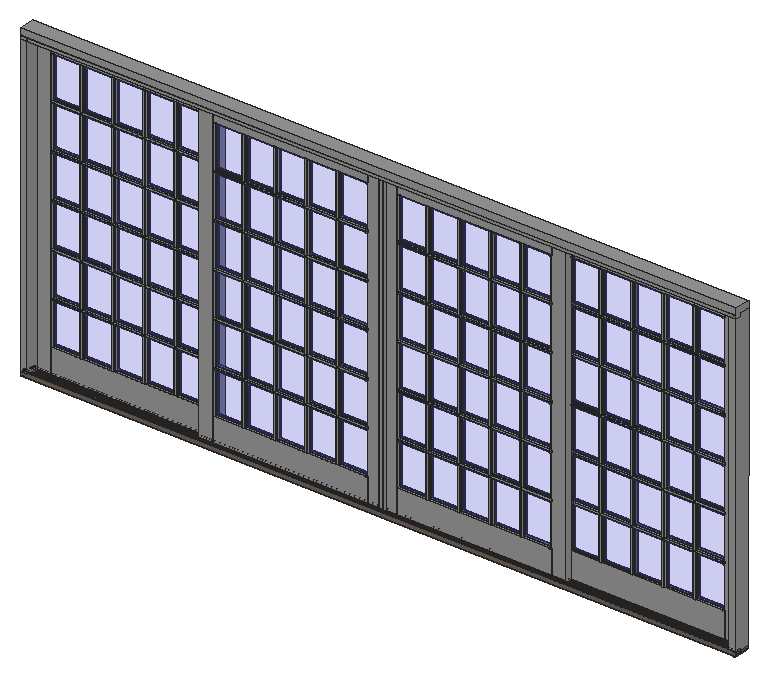
Revit family "VSDA4.8SPCO", category Doors, host Wall, Revit 2015 (continued)
Forms (mm)
  Extrusion 123, solid, material "Lauan, Meranti"
    sketch origin (1388.5, 0, 0) x (0, 1, 0) y (0, 0, 1)
      loop
        arc (-13.5, 771) -> (-11.866, 766.33) -> (-7.5, 764) r 6.807
        line (-7.5, 764) -> (-7.5, 762) -> (-5.5, 762) -> (-5.5, 771) -> (24.5, 771) -> (24.5, 784) -> (-5.5, 784) -> (-5.5, 793) -> (-7.5, 793) -> (-7.5, 791)
        arc (-7.5, 791) -> (-11.866, 788.67) -> (-13.5, 784) r 6.807
        line (-13.5, 784) -> (-15.5, 784)
      loop
        line (-15.5, 487) -> (-15.5, 474) -> (-13.5, 474)
        arc (-13.5, 474) -> (-11.866, 469.33) -> (-7.5, 467) r 6.807
        line (-7.5, 467) -> (-7.5, 465) -> (-5.5, 465) -> (-5.5, 474) -> (24.5, 474) -> (24.5, 487) -> (-5.5, 487) -> (-5.5, 496) -> (-7.5, 496) -> (-7.5, 494)
        arc (-7.5, 494) -> (-11.866, 491.67) -> (-13.5, 487) r 6.807
        line (-13.5, 487) -> (-15.5, 487)
    from -1290.5 to -251
  Sweep 124, solid, material "Lauan, Meranti"
    path origin (624.105, -121.5, -781.763) x (1, 0, 0) y (0, 0, 1)
      loop
        line (315.895, 2740.763) -> (315.895, 2456.763) -> (513.395, 2456.763) -> (513.395, 2740.763) -> (315.895, 2740.763)
    profile origin (1038.75, -121.5, 1959) x (0, 0, 1) y (0, -1, 0)
      loop
        line (-9, -124.5) -> (-9, -126.5) -> (-7, -126.5)
        arc (-7, -126.5) -> (-4.67, -130.866) -> (0, -132.5) r 6.807
        line (0, -132.5) -> (0, -124.5) -> (-9, -124.5)
  Extrusion 125, solid, material "Lauan, Meranti"
    sketch origin (368.5, -46.5, 0) x (1, 0, 0) y (0, 1, 0)
      loop
        line (-73, 31) -> (-60, 31) -> (-60, 33)
        arc (-60, 33) -> (-55.33, 34.634) -> (-53, 39) r 6.807
        line (-53, 39) -> (-51, 39) -> (-51, 41) -> (-60, 41) -> (-60, 71) -> (-73, 71) -> (-73, 41) -> (-82, 41) -> (-82, 39) -> (-80, 39)
        arc (-80, 39) -> (-77.67, 34.634) -> (-73, 33) r 6.807
        line (-73, 33) -> (-73, 31)
      loop
        line (137.5, 31) -> (150.5, 31) -> (150.5, 33)
        arc (150.5, 33) -> (155.17, 34.634) -> (157.5, 39) r 6.807
        line (157.5, 39) -> (159.5, 39) -> (159.5, 41) -> (150.5, 41) -> (150.5, 71) -> (137.5, 71) -> (137.5, 41) -> (128.5, 41) -> (128.5, 39) -> (130.5, 39)
        arc (130.5, 39) -> (132.83, 34.634) -> (137.5, 33) r 6.807
        line (137.5, 33) -> (137.5, 31)
      loop
        line (348, 31) -> (361, 31) -> (361, 33)
        arc (361, 33) -> (365.67, 34.634) -> (368, 39) r 6.807
        line (368, 39) -> (370, 39) -> (370, 41) -> (361, 41) -> (361, 71) -> (348, 71) -> (348, 41) -> (339, 41) -> (339, 39) -> (341, 39)
        arc (341, 39) -> (343.33, 34.634) -> (348, 33) r 6.807
        line (348, 33) -> (348, 31)
      loop
        line (558.5, 31) -> (571.5, 31) -> (571.5, 33)
        arc (571.5, 33) -> (576.17, 34.634) -> (578.5, 39) r 6.807
        line (578.5, 39) -> (580.5, 39) -> (580.5, 41) -> (571.5, 41) -> (571.5, 71) -> (558.5, 71) -> (558.5, 41) -> (549.5, 41) -> (549.5, 39) -> (551.5, 39)
        arc (551.5, 39) -> (553.83, 34.634) -> (558.5, 33) r 6.807
        line (558.5, 33) -> (558.5, 31)
    from 1675 to 1959
  Extrusion 126, solid, material "Glass"
    sketch origin (53.5, 1.934, 0) x (1, 0, 0) y (0, 0, 1)
      loop
        line (44.5, 1959) -> (44.5, 1675) -> (242, 1675) -> (242, 1959) -> (44.5, 1959)
      loop
        line (255, 1959) -> (255, 1675) -> (452.5, 1675) -> (452.5, 1959) -> (255, 1959)
      loop
        line (465.5, 1959) -> (465.5, 1675) -> (663, 1675) -> (663, 1959) -> (465.5, 1959)
      loop
        line (676.01, 1958.989) -> (676.01, 1675) -> (873.5, 1675) -> (873.5, 1958.989) -> (676.01, 1958.989)
      loop
        line (886.5, 1959) -> (886.5, 1675.011) -> (1083.99, 1675.011) -> (1083.99, 1959) -> (886.5, 1959)
      loop
        line (44.5, 1662) -> (44.5, 1378) -> (242, 1378) -> (242, 1662) -> (44.5, 1662)
      loop
        line (255, 1662) -> (255, 1378) -> (452.5, 1378) -> (452.5, 1662) -> (255, 1662)
      loop
        line (465.5, 1662) -> (465.5, 1378) -> (663, 1378) -> (663, 1662) -> (465.5, 1662)
      loop
        line (676.01, 1661.989) -> (676.01, 1378) -> (873.5, 1378) -> (873.5, 1661.989) -> (676.01, 1661.989)
      loop
        line (886.5, 1662) -> (886.5, 1378.011) -> (1083.99, 1378.011) -> (1083.99, 1662) -> (886.5, 1662)
      loop
        line (44.5, 1365) -> (44.5, 1081) -> (242, 1081) -> (242, 1365) -> (44.5, 1365)
      loop
        line (255, 1365) -> (255, 1081) -> (452.5, 1081) -> (452.5, 1365) -> (255, 1365)
      loop
        line (465.5, 1365) -> (465.5, 1081) -> (663, 1081) -> (663, 1365) -> (465.5, 1365)
      loop
        line (676.01, 1364.989) -> (676.01, 1081) -> (873.5, 1081) -> (873.5, 1364.989) -> (676.01, 1364.989)
      loop
        line (886.5, 1365) -> (886.5, 1081.011) -> (1083.99, 1081.011) -> (1083.99, 1365) -> (886.5, 1365)
      loop
        line (44.5, 1068) -> (44.5, 784) -> (242, 784) -> (242, 1068) -> (44.5, 1068)
      loop
        line (255, 1068) -> (255, 784) -> (452.5, 784) -> (452.5, 1068) -> (255, 1068)
      loop
        line (465.5, 1068) -> (465.5, 784) -> (663, 784) -> (663, 1068) -> (465.5, 1068)
      loop
        line (676.01, 1067.989) -> (676.01, 784) -> (873.5, 784) -> (873.5, 1067.989) -> (676.01, 1067.989)
      loop
        line (886.5, 1068) -> (886.5, 784.011) -> (1083.99, 784.011) -> (1083.99, 1068) -> (886.5, 1068)
      loop
        line (44.5, 771) -> (44.5, 487) -> (242, 487) -> (242, 771) -> (44.5, 771)
      loop
        line (255, 771) -> (255, 487) -> (452.5, 487) -> (452.5, 771) -> (255, 771)
      loop
        line (465.5, 771) -> (465.5, 487) -> (663, 487) -> (663, 771) -> (465.5, 771)
      loop
        line (676.01, 770.989) -> (676.01, 487) -> (873.5, 487) -> (873.5, 770.989) -> (676.01, 770.989)
      loop
        line (886.5, 771) -> (886.5, 487.011) -> (1083.99, 487.011) -> (1083.99, 771) -> (886.5, 771)
      loop
        line (44.5, 474) -> (44.5, 190) -> (242, 190) -> (242, 474) -> (44.5, 474)
      loop
        line (255, 474) -> (255, 190) -> (452.5, 190) -> (452.5, 474) -> (255, 474)
      loop
        line (465.5, 474) -> (465.5, 190) -> (663, 190) -> (663, 474) -> (465.5, 474)
      loop
        line (676.01, 473.989) -> (676.01, 190) -> (873.5, 190) -> (873.5, 473.989) -> (676.01, 473.989)
      loop
        line (886.5, 474) -> (886.5, 190.011) -> (1083.99, 190.011) -> (1083.99, 474) -> (886.5, 474)
    from 0 to 6.4
  Sweep 127, solid, material "Lauan, Meranti"
    path origin (413.605, -121.5, -781.763) x (1, 0, 0) y (0, 0, 1)
      loop
        line (315.895, 2740.763) -> (315.895, 2456.763) -> (513.395, 2456.763) -> (513.395, 2740.763) -> (315.895, 2740.763)
    profile origin (828.25, -121.5, 1959) x (0, 0, 1) y (0, -1, 0)
      loop
        line (-9, -124.5) -> (-9, -126.5) -> (-7, -126.5)
        arc (-7, -126.5) -> (-4.67, -130.866) -> (0, -132.5) r 6.807
        line (0, -132.5) -> (0, -124.5) -> (-9, -124.5)
  Sweep 128, solid, material "Lauan, Meranti"
    path origin (203.105, -121.5, -781.763) x (1, 0, 0) y (0, 0, 1)
      loop
        line (315.895, 2740.763) -> (315.895, 2456.763) -> (513.395, 2456.763) -> (513.395, 2740.763) -> (315.895, 2740.763)
    profile origin (617.75, -121.5, 1959) x (0, 0, 1) y (0, -1, 0)
      loop
        line (-9, -124.5) -> (-9, -126.5) -> (-7, -126.5)
        arc (-7, -126.5) -> (-4.67, -130.866) -> (0, -132.5) r 6.807
        line (0, -132.5) -> (0, -124.5) -> (-9, -124.5)
  Sweep 129, solid, material "Lauan, Meranti"
    path origin (-7.395, -121.5, -781.763) x (1, 0, 0) y (0, 0, 1)
      loop
        line (315.895, 2740.763) -> (315.895, 2456.763) -> (513.395, 2456.763) -> (513.395, 2740.763) -> (315.895, 2740.763)
    profile origin (407.25, -121.5, 1959) x (0, 0, 1) y (0, -1, 0)
      loop
        line (-9, -124.5) -> (-9, -126.5) -> (-7, -126.5)
        arc (-7, -126.5) -> (-4.67, -130.866) -> (0, -132.5) r 6.807
        line (0, -132.5) -> (0, -124.5) -> (-9, -124.5)
  Sweep 130, solid, material "Lauan, Meranti"
    path origin (-217.895, -121.5, -781.763) x (1, 0, 0) y (0, 0, 1)
      loop
        line (315.895, 2740.763) -> (315.895, 2456.763) -> (513.395, 2456.763) -> (513.395, 2740.763) -> (315.895, 2740.763)
    profile origin (196.75, -121.5, 1959) x (0, 0, 1) y (0, -1, 0)
      loop
        line (-9, -124.5) -> (-9, -126.5) -> (-7, -126.5)
        arc (-7, -126.5) -> (-4.67, -130.866) -> (0, -132.5) r 6.807
        line (0, -132.5) -> (0, -124.5) -> (-9, -124.5)
  Sweep 131, solid, material "Lauan, Meranti"
    path origin (624.105, -121.5, -1078.763) x (1, 0, 0) y (0, 0, 1)
      loop
        line (315.895, 2740.763) -> (315.895, 2456.763) -> (513.395, 2456.763) -> (513.395, 2740.763) -> (315.895, 2740.763)
    profile origin (1038.75, -121.5, 1662) x (0, 0, 1) y (0, -1, 0)
      loop
        line (-9, -124.5) -> (-9, -126.5) -> (-7, -126.5)
        arc (-7, -126.5) -> (-4.67, -130.866) -> (0, -132.5) r 6.807
        line (0, -132.5) -> (0, -124.5) -> (-9, -124.5)
  Sweep 132, solid, material "Lauan, Meranti"
    path origin (413.605, -121.5, -1078.763) x (1, 0, 0) y (0, 0, 1)
      loop
        line (315.895, 2740.763) -> (315.895, 2456.763) -> (513.395, 2456.763) -> (513.395, 2740.763) -> (315.895, 2740.763)
    profile origin (828.25, -121.5, 1662) x (0, 0, 1) y (0, -1, 0)
      loop
        line (-9, -124.5) -> (-9, -126.5) -> (-7, -126.5)
        arc (-7, -126.5) -> (-4.67, -130.866) -> (0, -132.5) r 6.807
        line (0, -132.5) -> (0, -124.5) -> (-9, -124.5)
  Sweep 133, solid, material "Lauan, Meranti"
    path origin (203.105, -121.5, -1078.763) x (1, 0, 0) y (0, 0, 1)
      loop
        line (315.895, 2740.763) -> (315.895, 2456.763) -> (513.395, 2456.763) -> (513.395, 2740.763) -> (315.895, 2740.763)
    profile origin (617.75, -121.5, 1662) x (0, 0, 1) y (0, -1, 0)
      loop
        line (-9, -124.5) -> (-9, -126.5) -> (-7, -126.5)
        arc (-7, -126.5) -> (-4.67, -130.866) -> (0, -132.5) r 6.807
        line (0, -132.5) -> (0, -124.5) -> (-9, -124.5)
  Sweep 134, solid, material "Lauan, Meranti"
    path origin (-7.395, -121.5, -1078.763) x (1, 0, 0) y (0, 0, 1)
      loop
        line (315.895, 2740.763) -> (315.895, 2456.763) -> (513.395, 2456.763) -> (513.395, 2740.763) -> (315.895, 2740.763)
    profile origin (407.25, -121.5, 1662) x (0, 0, 1) y (0, -1, 0)
      loop
        line (-9, -124.5) -> (-9, -126.5) -> (-7, -126.5)
        arc (-7, -126.5) -> (-4.67, -130.866) -> (0, -132.5) r 6.807
        line (0, -132.5) -> (0, -124.5) -> (-9, -124.5)
  Sweep 135, solid, material "Lauan, Meranti"
    path origin (-217.895, -121.5, -1078.763) x (1, 0, 0) y (0, 0, 1)
      loop
        line (315.895, 2740.763) -> (315.895, 2456.763) -> (513.395, 2456.763) -> (513.395, 2740.763) -> (315.895, 2740.763)
    profile origin (196.75, -121.5, 1662) x (0, 0, 1) y (0, -1, 0)
      loop
        line (-9, -124.5) -> (-9, -126.5) -> (-7, -126.5)
        arc (-7, -126.5) -> (-4.67, -130.866) -> (0, -132.5) r 6.807
        line (0, -132.5) -> (0, -124.5) -> (-9, -124.5)
  Sweep 136, solid, material "Lauan, Meranti"
    path origin (624.105, -121.5, -1375.763) x (1, 0, 0) y (0, 0, 1)
      loop
        line (315.895, 2740.763) -> (315.895, 2456.763) -> (513.395, 2456.763) -> (513.395, 2740.763) -> (315.895, 2740.763)
    profile origin (1038.75, -121.5, 1365) x (0, 0, 1) y (0, -1, 0)
      loop
        line (-9, -124.5) -> (-9, -126.5) -> (-7, -126.5)
        arc (-7, -126.5) -> (-4.67, -130.866) -> (0, -132.5) r 6.807
        line (0, -132.5) -> (0, -124.5) -> (-9, -124.5)
  Sweep 137, solid, material "Lauan, Meranti"
    path origin (413.605, -121.5, -1375.763) x (1, 0, 0) y (0, 0, 1)
      loop
        line (315.895, 2740.763) -> (315.895, 2456.763) -> (513.395, 2456.763) -> (513.395, 2740.763) -> (315.895, 2740.763)
    profile origin (828.25, -121.5, 1365) x (0, 0, 1) y (0, -1, 0)
      loop
        line (-9, -124.5) -> (-9, -126.5) -> (-7, -126.5)
        arc (-7, -126.5) -> (-4.67, -130.866) -> (0, -132.5) r 6.807
        line (0, -132.5) -> (0, -124.5) -> (-9, -124.5)
  Sweep 138, solid, material "Lauan, Meranti"
    path origin (203.105, -121.5, -1375.763) x (1, 0, 0) y (0, 0, 1)
      loop
        line (315.895, 2740.763) -> (315.895, 2456.763) -> (513.395, 2456.763) -> (513.395, 2740.763) -> (315.895, 2740.763)
    profile origin (617.75, -121.5, 1365) x (0, 0, 1) y (0, -1, 0)
      loop
        line (-9, -124.5) -> (-9, -126.5) -> (-7, -126.5)
        arc (-7, -126.5) -> (-4.67, -130.866) -> (0, -132.5) r 6.807
        line (0, -132.5) -> (0, -124.5) -> (-9, -124.5)
  Sweep 139, solid, material "Lauan, Meranti"
    path origin (-7.395, -121.5, -1375.763) x (1, 0, 0) y (0, 0, 1)
      loop
        line (315.895, 2740.763) -> (315.895, 2456.763) -> (513.395, 2456.763) -> (513.395, 2740.763) -> (315.895, 2740.763)
    profile origin (407.25, -121.5, 1365) x (0, 0, 1) y (0, -1, 0)
      loop
        line (-9, -124.5) -> (-9, -126.5) -> (-7, -126.5)
        arc (-7, -126.5) -> (-4.67, -130.866) -> (0, -132.5) r 6.807
        line (0, -132.5) -> (0, -124.5) -> (-9, -124.5)
  Sweep 140, solid, material "Lauan, Meranti"
    path origin (-217.895, -121.5, -1375.763) x (1, 0, 0) y (0, 0, 1)
      loop
        line (315.895, 2740.763) -> (315.895, 2456.763) -> (513.395, 2456.763) -> (513.395, 2740.763) -> (315.895, 2740.763)
    profile origin (196.75, -121.5, 1365) x (0, 0, 1) y (0, -1, 0)
      loop
        line (-9, -124.5) -> (-9, -126.5) -> (-7, -126.5)
        arc (-7, -126.5) -> (-4.67, -130.866) -> (0, -132.5) r 6.807
        line (0, -132.5) -> (0, -124.5) -> (-9, -124.5)
  Sweep 141, solid, material "Lauan, Meranti"
    path origin (624.105, -121.5, -1672.763) x (1, 0, 0) y (0, 0, 1)
      loop
        line (315.895, 2740.763) -> (315.895, 2456.763) -> (513.395, 2456.763) -> (513.395, 2740.763) -> (315.895, 2740.763)
    profile origin (1038.75, -121.5, 1068) x (0, 0, 1) y (0, -1, 0)
      loop
        line (-9, -124.5) -> (-9, -126.5) -> (-7, -126.5)
        arc (-7, -126.5) -> (-4.67, -130.866) -> (0, -132.5) r 6.807
        line (0, -132.5) -> (0, -124.5) -> (-9, -124.5)
  Sweep 142, solid, material "Lauan, Meranti"
    path origin (413.605, -121.5, -1672.763) x (1, 0, 0) y (0, 0, 1)
      loop
        line (315.895, 2740.763) -> (315.895, 2456.763) -> (513.395, 2456.763) -> (513.395, 2740.763) -> (315.895, 2740.763)
    profile origin (828.25, -121.5, 1068) x (0, 0, 1) y (0, -1, 0)
      loop
        line (-9, -124.5) -> (-9, -126.5) -> (-7, -126.5)
        arc (-7, -126.5) -> (-4.67, -130.866) -> (0, -132.5) r 6.807
        line (0, -132.5) -> (0, -124.5) -> (-9, -124.5)
  Sweep 143, solid, material "Lauan, Meranti"
    path origin (203.105, -121.5, -1672.763) x (1, 0, 0) y (0, 0, 1)
      loop
        line (315.895, 2740.763) -> (315.895, 2456.763) -> (513.395, 2456.763) -> (513.395, 2740.763) -> (315.895, 2740.763)
    profile origin (617.75, -121.5, 1068) x (0, 0, 1) y (0, -1, 0)
      loop
        line (-9, -124.5) -> (-9, -126.5) -> (-7, -126.5)
        arc (-7, -126.5) -> (-4.67, -130.866) -> (0, -132.5) r 6.807
        line (0, -132.5) -> (0, -124.5) -> (-9, -124.5)
  Sweep 144, solid, material "Lauan, Meranti"
    path origin (-7.395, -121.5, -1672.763) x (1, 0, 0) y (0, 0, 1)
      loop
        line (315.895, 2740.763) -> (315.895, 2456.763) -> (513.395, 2456.763) -> (513.395, 2740.763) -> (315.895, 2740.763)
    profile origin (407.25, -121.5, 1068) x (0, 0, 1) y (0, -1, 0)
      loop
        line (-9, -124.5) -> (-9, -126.5) -> (-7, -126.5)
        arc (-7, -126.5) -> (-4.67, -130.866) -> (0, -132.5) r 6.807
        line (0, -132.5) -> (0, -124.5) -> (-9, -124.5)
  Sweep 145, solid, material "Lauan, Meranti"
    path origin (-217.895, -121.5, -1672.763) x (1, 0, 0) y (0, 0, 1)
      loop
        line (315.895, 2740.763) -> (315.895, 2456.763) -> (513.395, 2456.763) -> (513.395, 2740.763) -> (315.895, 2740.763)
    profile origin (196.75, -121.5, 1068) x (0, 0, 1) y (0, -1, 0)
      loop
        line (-9, -124.5) -> (-9, -126.5) -> (-7, -126.5)
        arc (-7, -126.5) -> (-4.67, -130.866) -> (0, -132.5) r 6.807
        line (0, -132.5) -> (0, -124.5) -> (-9, -124.5)
  Sweep 146, solid, material "Lauan, Meranti"
    path origin (624.105, -121.5, -1969.763) x (1, 0, 0) y (0, 0, 1)
      loop
        line (315.895, 2740.763) -> (315.895, 2456.763) -> (513.395, 2456.763) -> (513.395, 2740.763) -> (315.895, 2740.763)
    profile origin (1038.75, -121.5, 771) x (0, 0, 1) y (0, -1, 0)
      loop
        line (-9, -124.5) -> (-9, -126.5) -> (-7, -126.5)
        arc (-7, -126.5) -> (-4.67, -130.866) -> (0, -132.5) r 6.807
        line (0, -132.5) -> (0, -124.5) -> (-9, -124.5)
  Sweep 147, solid, material "Lauan, Meranti"
    path origin (413.605, -121.5, -1969.763) x (1, 0, 0) y (0, 0, 1)
      loop
        line (315.895, 2740.763) -> (315.895, 2456.763) -> (513.395, 2456.763) -> (513.395, 2740.763) -> (315.895, 2740.763)
    profile origin (828.25, -121.5, 771) x (0, 0, 1) y (0, -1, 0)
      loop
        line (-9, -124.5) -> (-9, -126.5) -> (-7, -126.5)
        arc (-7, -126.5) -> (-4.67, -130.866) -> (0, -132.5) r 6.807
        line (0, -132.5) -> (0, -124.5) -> (-9, -124.5)
  Sweep 148, solid, material "Lauan, Meranti"
    path origin (203.105, -121.5, -1969.763) x (1, 0, 0) y (0, 0, 1)
      loop
        line (315.895, 2740.763) -> (315.895, 2456.763) -> (513.395, 2456.763) -> (513.395, 2740.763) -> (315.895, 2740.763)
    profile origin (617.75, -121.5, 771) x (0, 0, 1) y (0, -1, 0)
      loop
        line (-9, -124.5) -> (-9, -126.5) -> (-7, -126.5)
        arc (-7, -126.5) -> (-4.67, -130.866) -> (0, -132.5) r 6.807
        line (0, -132.5) -> (0, -124.5) -> (-9, -124.5)
  Sweep 149, solid, material "Lauan, Meranti"
    path origin (-7.395, -121.5, -1969.763) x (1, 0, 0) y (0, 0, 1)
      loop
        line (315.895, 2740.763) -> (315.895, 2456.763) -> (513.395, 2456.763) -> (513.395, 2740.763) -> (315.895, 2740.763)
    profile origin (407.25, -121.5, 771) x (0, 0, 1) y (0, -1, 0)
      loop
        line (-9, -124.5) -> (-9, -126.5) -> (-7, -126.5)
        arc (-7, -126.5) -> (-4.67, -130.866) -> (0, -132.5) r 6.807
        line (0, -132.5) -> (0, -124.5) -> (-9, -124.5)
  Sweep 150, solid, material "Lauan, Meranti"
    path origin (-217.895, -121.5, -1969.763) x (1, 0, 0) y (0, 0, 1)
      loop
        line (315.895, 2740.763) -> (315.895, 2456.763) -> (513.395, 2456.763) -> (513.395, 2740.763) -> (315.895, 2740.763)
    profile origin (196.75, -121.5, 771) x (0, 0, 1) y (0, -1, 0)
      loop
        line (-9, -124.5) -> (-9, -126.5) -> (-7, -126.5)
        arc (-7, -126.5) -> (-4.67, -130.866) -> (0, -132.5) r 6.807
        line (0, -132.5) -> (0, -124.5) -> (-9, -124.5)
  Sweep 151, solid, material "Lauan, Meranti"
    path origin (624.105, -121.5, -2266.763) x (1, 0, 0) y (0, 0, 1)
      loop
        line (315.895, 2740.763) -> (315.895, 2456.763) -> (513.395, 2456.763) -> (513.395, 2740.763) -> (315.895, 2740.763)
    profile origin (1038.75, -121.5, 474) x (0, 0, 1) y (0, -1, 0)
      loop
        line (-9, -124.5) -> (-9, -126.5) -> (-7, -126.5)
        arc (-7, -126.5) -> (-4.67, -130.866) -> (0, -132.5) r 6.807
        line (0, -132.5) -> (0, -124.5) -> (-9, -124.5)
  Sweep 152, solid, material "Lauan, Meranti"
    path origin (413.605, -121.5, -2266.763) x (1, 0, 0) y (0, 0, 1)
      loop
        line (315.895, 2740.763) -> (315.895, 2456.763) -> (513.395, 2456.763) -> (513.395, 2740.763) -> (315.895, 2740.763)
    profile origin (828.25, -121.5, 474) x (0, 0, 1) y (0, -1, 0)
      loop
        line (-9, -124.5) -> (-9, -126.5) -> (-7, -126.5)
        arc (-7, -126.5) -> (-4.67, -130.866) -> (0, -132.5) r 6.807
        line (0, -132.5) -> (0, -124.5) -> (-9, -124.5)
  Sweep 153, solid, material "Lauan, Meranti"
    path origin (203.105, -121.5, -2266.763) x (1, 0, 0) y (0, 0, 1)
      loop
        line (315.895, 2740.763) -> (315.895, 2456.763) -> (513.395, 2456.763) -> (513.395, 2740.763) -> (315.895, 2740.763)
    profile origin (617.75, -121.5, 474) x (0, 0, 1) y (0, -1, 0)
      loop
        line (-9, -124.5) -> (-9, -126.5) -> (-7, -126.5)
        arc (-7, -126.5) -> (-4.67, -130.866) -> (0, -132.5) r 6.807
        line (0, -132.5) -> (0, -124.5) -> (-9, -124.5)
  Sweep 154, solid, material "Lauan, Meranti"
    path origin (-7.395, -121.5, -2266.763) x (1, 0, 0) y (0, 0, 1)
      loop
        line (315.895, 2740.763) -> (315.895, 2456.763) -> (513.395, 2456.763) -> (513.395, 2740.763) -> (315.895, 2740.763)
    profile origin (407.25, -121.5, 474) x (0, 0, 1) y (0, -1, 0)
      loop
        line (-9, -124.5) -> (-9, -126.5) -> (-7, -126.5)
        arc (-7, -126.5) -> (-4.67, -130.866) -> (0, -132.5) r 6.807
        line (0, -132.5) -> (0, -124.5) -> (-9, -124.5)
  Sweep 155, solid, material "Lauan, Meranti"
    path origin (-217.895, -121.5, -2266.763) x (1, 0, 0) y (0, 0, 1)
      loop
        line (315.895, 2740.763) -> (315.895, 2456.763) -> (513.395, 2456.763) -> (513.395, 2740.763) -> (315.895, 2740.763)
    profile origin (196.75, -121.5, 474) x (0, 0, 1) y (0, -1, 0)
      loop
        line (-9, -124.5) -> (-9, -126.5) -> (-7, -126.5)
        arc (-7, -126.5) -> (-4.67, -130.866) -> (0, -132.5) r 6.807
        line (0, -132.5) -> (0, -124.5) -> (-9, -124.5)
  Extrusion 156, solid, material "Lauan, Meranti"
    sketch origin (368.5, -46.5, 0) x (1, 0, 0) y (0, 1, 0)
      loop
        line (-73, 31) -> (-60, 31) -> (-60, 33)
        arc (-60, 33) -> (-55.33, 34.634) -> (-53, 39) r 6.807
        line (-53, 39) -> (-51, 39) -> (-51, 41) -> (-60, 41) -> (-60, 71) -> (-73, 71) -> (-73, 41) -> (-82, 41) -> (-82, 39) -> (-80, 39)
        arc (-80, 39) -> (-77.67, 34.634) -> (-73, 33) r 6.807
        line (-73, 33) -> (-73, 31)
      loop
        line (137.5, 31) -> (150.5, 31) -> (150.5, 33)
        arc (150.5, 33) -> (155.17, 34.634) -> (157.5, 39) r 6.807
        line (157.5, 39) -> (159.5, 39) -> (159.5, 41) -> (150.5, 41) -> (150.5, 71) -> (137.5, 71) -> (137.5, 41) -> (128.5, 41) -> (128.5, 39) -> (130.5, 39)
        arc (130.5, 39) -> (132.83, 34.634) -> (137.5, 33) r 6.807
        line (137.5, 33) -> (137.5, 31)
      loop
        line (348, 31) -> (361, 31) -> (361, 33)
        arc (361, 33) -> (365.67, 34.634) -> (368, 39) r 6.807
        line (368, 39) -> (370, 39) -> (370, 41) -> (361, 41) -> (361, 71) -> (348, 71) -> (348, 41) -> (339, 41) -> (339, 39) -> (341, 39)
        arc (341, 39) -> (343.33, 34.634) -> (348, 33) r 6.807
        line (348, 33) -> (348, 31)
      loop
        line (558.5, 31) -> (571.5, 31) -> (571.5, 33)
        arc (571.5, 33) -> (576.17, 34.634) -> (578.5, 39) r 6.807
        line (578.5, 39) -> (580.5, 39) -> (580.5, 41) -> (571.5, 41) -> (571.5, 71) -> (558.5, 71) -> (558.5, 41) -> (549.5, 41) -> (549.5, 39) -> (551.5, 39)
        arc (551.5, 39) -> (553.83, 34.634) -> (558.5, 33) r 6.807
        line (558.5, 33) -> (558.5, 31)
    from 1675 to 1959
  Extrusion 157, solid, material "Lauan, Meranti"
    sketch origin (368.5, -46.5, -297) x (1, 0, 0) y (0, 1, 0)
      loop
        line (-73, 31) -> (-60, 31) -> (-60, 33)
        arc (-60, 33) -> (-55.33, 34.634) -> (-53, 39) r 6.807
        line (-53, 39) -> (-51, 39) -> (-51, 41) -> (-60, 41) -> (-60, 71) -> (-73, 71) -> (-73, 41) -> (-82, 41) -> (-82, 39) -> (-80, 39)
        arc (-80, 39) -> (-77.67, 34.634) -> (-73, 33) r 6.807
        line (-73, 33) -> (-73, 31)
      loop
        line (137.5, 31) -> (150.5, 31) -> (150.5, 33)
        arc (150.5, 33) -> (155.17, 34.634) -> (157.5, 39) r 6.807
        line (157.5, 39) -> (159.5, 39) -> (159.5, 41) -> (150.5, 41) -> (150.5, 71) -> (137.5, 71) -> (137.5, 41) -> (128.5, 41) -> (128.5, 39) -> (130.5, 39)
        arc (130.5, 39) -> (132.83, 34.634) -> (137.5, 33) r 6.807
        line (137.5, 33) -> (137.5, 31)
      loop
        line (348, 31) -> (361, 31) -> (361, 33)
        arc (361, 33) -> (365.67, 34.634) -> (368, 39) r 6.807
        line (368, 39) -> (370, 39) -> (370, 41) -> (361, 41) -> (361, 71) -> (348, 71) -> (348, 41) -> (339, 41) -> (339, 39) -> (341, 39)
        arc (341, 39) -> (343.33, 34.634) -> (348, 33) r 6.807
        line (348, 33) -> (348, 31)
      loop
        line (558.5, 31) -> (571.5, 31) -> (571.5, 33)
        arc (571.5, 33) -> (576.17, 34.634) -> (578.5, 39) r 6.807
        line (578.5, 39) -> (580.5, 39) -> (580.5, 41) -> (571.5, 41) -> (571.5, 71) -> (558.5, 71) -> (558.5, 41) -> (549.5, 41) -> (549.5, 39) -> (551.5, 39)
        arc (551.5, 39) -> (553.83, 34.634) -> (558.5, 33) r 6.807
        line (558.5, 33) -> (558.5, 31)
    from 1675 to 1959
  Extrusion 158, solid, material "Lauan, Meranti"
    sketch origin (368.5, -46.5, -594) x (1, 0, 0) y (0, 1, 0)
      loop
        line (-73, 31) -> (-60, 31) -> (-60, 33)
        arc (-60, 33) -> (-55.33, 34.634) -> (-53, 39) r 6.807
        line (-53, 39) -> (-51, 39) -> (-51, 41) -> (-60, 41) -> (-60, 71) -> (-73, 71) -> (-73, 41) -> (-82, 41) -> (-82, 39) -> (-80, 39)
        arc (-80, 39) -> (-77.67, 34.634) -> (-73, 33) r 6.807
        line (-73, 33) -> (-73, 31)
      loop
        line (137.5, 31) -> (150.5, 31) -> (150.5, 33)
        arc (150.5, 33) -> (155.17, 34.634) -> (157.5, 39) r 6.807
        line (157.5, 39) -> (159.5, 39) -> (159.5, 41) -> (150.5, 41) -> (150.5, 71) -> (137.5, 71) -> (137.5, 41) -> (128.5, 41) -> (128.5, 39) -> (130.5, 39)
        arc (130.5, 39) -> (132.83, 34.634) -> (137.5, 33) r 6.807
        line (137.5, 33) -> (137.5, 31)
      loop
        line (348, 31) -> (361, 31) -> (361, 33)
        arc (361, 33) -> (365.67, 34.634) -> (368, 39) r 6.807
        line (368, 39) -> (370, 39) -> (370, 41) -> (361, 41) -> (361, 71) -> (348, 71) -> (348, 41) -> (339, 41) -> (339, 39) -> (341, 39)
        arc (341, 39) -> (343.33, 34.634) -> (348, 33) r 6.807
        line (348, 33) -> (348, 31)
      loop
        line (558.5, 31) -> (571.5, 31) -> (571.5, 33)
        arc (571.5, 33) -> (576.17, 34.634) -> (578.5, 39) r 6.807
        line (578.5, 39) -> (580.5, 39) -> (580.5, 41) -> (571.5, 41) -> (571.5, 71) -> (558.5, 71) -> (558.5, 41) -> (549.5, 41) -> (549.5, 39) -> (551.5, 39)
        arc (551.5, 39) -> (553.83, 34.634) -> (558.5, 33) r 6.807
        line (558.5, 33) -> (558.5, 31)
    from 1675 to 1959
  Extrusion 159, solid, material "Lauan, Meranti"
    sketch origin (368.5, -46.5, -891) x (1, 0, 0) y (0, 1, 0)
      loop
        line (-73, 31) -> (-60, 31) -> (-60, 33)
        arc (-60, 33) -> (-55.33, 34.634) -> (-53, 39) r 6.807
        line (-53, 39) -> (-51, 39) -> (-51, 41) -> (-60, 41) -> (-60, 71) -> (-73, 71) -> (-73, 41) -> (-82, 41) -> (-82, 39) -> (-80, 39)
        arc (-80, 39) -> (-77.67, 34.634) -> (-73, 33) r 6.807
        line (-73, 33) -> (-73, 31)
      loop
        line (137.5, 31) -> (150.5, 31) -> (150.5, 33)
        arc (150.5, 33) -> (155.17, 34.634) -> (157.5, 39) r 6.807
        line (157.5, 39) -> (159.5, 39) -> (159.5, 41) -> (150.5, 41) -> (150.5, 71) -> (137.5, 71) -> (137.5, 41) -> (128.5, 41) -> (128.5, 39) -> (130.5, 39)
        arc (130.5, 39) -> (132.83, 34.634) -> (137.5, 33) r 6.807
        line (137.5, 33) -> (137.5, 31)
      loop
        line (348, 31) -> (361, 31) -> (361, 33)
        arc (361, 33) -> (365.67, 34.634) -> (368, 39) r 6.807
        line (368, 39) -> (370, 39) -> (370, 41) -> (361, 41) -> (361, 71) -> (348, 71) -> (348, 41) -> (339, 41) -> (339, 39) -> (341, 39)
        arc (341, 39) -> (343.33, 34.634) -> (348, 33) r 6.807
        line (348, 33) -> (348, 31)
      loop
        line (558.5, 31) -> (571.5, 31) -> (571.5, 33)
        arc (571.5, 33) -> (576.17, 34.634) -> (578.5, 39) r 6.807
        line (578.5, 39) -> (580.5, 39) -> (580.5, 41) -> (571.5, 41) -> (571.5, 71) -> (558.5, 71) -> (558.5, 41) -> (549.5, 41) -> (549.5, 39) -> (551.5, 39)
        arc (551.5, 39) -> (553.83, 34.634) -> (558.5, 33) r 6.807
        line (558.5, 33) -> (558.5, 31)
    from 1675 to 1959
  Extrusion 160, solid, material "Lauan, Meranti"
    sketch origin (368.5, -46.5, -1188) x (1, 0, 0) y (0, 1, 0)
      loop
        line (-73, 31) -> (-60, 31) -> (-60, 33)
        arc (-60, 33) -> (-55.33, 34.634) -> (-53, 39) r 6.807
        line (-53, 39) -> (-51, 39) -> (-51, 41) -> (-60, 41) -> (-60, 71) -> (-73, 71) -> (-73, 41) -> (-82, 41) -> (-82, 39) -> (-80, 39)
        arc (-80, 39) -> (-77.67, 34.634) -> (-73, 33) r 6.807
        line (-73, 33) -> (-73, 31)
      loop
        line (137.5, 31) -> (150.5, 31) -> (150.5, 33)
        arc (150.5, 33) -> (155.17, 34.634) -> (157.5, 39) r 6.807
        line (157.5, 39) -> (159.5, 39) -> (159.5, 41) -> (150.5, 41) -> (150.5, 71) -> (137.5, 71) -> (137.5, 41) -> (128.5, 41) -> (128.5, 39) -> (130.5, 39)
        arc (130.5, 39) -> (132.83, 34.634) -> (137.5, 33) r 6.807
        line (137.5, 33) -> (137.5, 31)
      loop
        line (348, 31) -> (361, 31) -> (361, 33)
        arc (361, 33) -> (365.67, 34.634) -> (368, 39) r 6.807
        line (368, 39) -> (370, 39) -> (370, 41) -> (361, 41) -> (361, 71) -> (348, 71) -> (348, 41) -> (339, 41) -> (339, 39) -> (341, 39)
        arc (341, 39) -> (343.33, 34.634) -> (348, 33) r 6.807
        line (348, 33) -> (348, 31)
      loop
        line (558.5, 31) -> (571.5, 31) -> (571.5, 33)
        arc (571.5, 33) -> (576.17, 34.634) -> (578.5, 39) r 6.807
        line (578.5, 39) -> (580.5, 39) -> (580.5, 41) -> (571.5, 41) -> (571.5, 71) -> (558.5, 71) -> (558.5, 41) -> (549.5, 41) -> (549.5, 39) -> (551.5, 39)
        arc (551.5, 39) -> (553.83, 34.634) -> (558.5, 33) r 6.807
        line (558.5, 33) -> (558.5, 31)
    from 1675 to 1959
  Extrusion 161, solid, material "Lauan, Meranti"
    sketch origin (368.5, -46.5, -1485) x (1, 0, 0) y (0, 1, 0)
      loop
        line (-73, 31) -> (-60, 31) -> (-60, 33)
        arc (-60, 33) -> (-55.33, 34.634) -> (-53, 39) r 6.807
        line (-53, 39) -> (-51, 39) -> (-51, 41) -> (-60, 41) -> (-60, 71) -> (-73, 71) -> (-73, 41) -> (-82, 41) -> (-82, 39) -> (-80, 39)
        arc (-80, 39) -> (-77.67, 34.634) -> (-73, 33) r 6.807
        line (-73, 33) -> (-73, 31)
      loop
        line (137.5, 31) -> (150.5, 31) -> (150.5, 33)
        arc (150.5, 33) -> (155.17, 34.634) -> (157.5, 39) r 6.807
        line (157.5, 39) -> (159.5, 39) -> (159.5, 41) -> (150.5, 41) -> (150.5, 71) -> (137.5, 71) -> (137.5, 41) -> (128.5, 41) -> (128.5, 39) -> (130.5, 39)
        arc (130.5, 39) -> (132.83, 34.634) -> (137.5, 33) r 6.807
        line (137.5, 33) -> (137.5, 31)
      loop
        line (348, 31) -> (361, 31) -> (361, 33)
        arc (361, 33) -> (365.67, 34.634) -> (368, 39) r 6.807
        line (368, 39) -> (370, 39) -> (370, 41) -> (361, 41) -> (361, 71) -> (348, 71) -> (348, 41) -> (339, 41) -> (339, 39) -> (341, 39)
        arc (341, 39) -> (343.33, 34.634) -> (348, 33) r 6.807
        line (348, 33) -> (348, 31)
      loop
        line (558.5, 31) -> (571.5, 31) -> (571.5, 33)
        arc (571.5, 33) -> (576.17, 34.634) -> (578.5, 39) r 6.807
        line (578.5, 39) -> (580.5, 39) -> (580.5, 41) -> (571.5, 41) -> (571.5, 71) -> (558.5, 71) -> (558.5, 41) -> (549.5, 41) -> (549.5, 39) -> (551.5, 39)
        arc (551.5, 39) -> (553.83, 34.634) -> (558.5, 33) r 6.807
        line (558.5, 33) -> (558.5, 31)
    from 1675 to 1959
Cuts and joins
  joined: Extrusion 3, Extrusion 4
Lines and regions (mm)
  Opening 1
    outline origin (-3050, -75, 0) x (1, 0, 0) y (0, 0, 1)
      loop
        line (645, 0) -> (5455, 0) -> (5455, 2100) -> (645, 2100) -> (645, 0)
  model lines
    curve 1: line (447.533, 99.5, 920) -> (702.533, 99.5, 920)
    curve 2: line (841.611, 99.5, 920) -> (702.533, 99.5, 976.191)
    curve 3: line (702.533, 99.5, 976.191) -> (702.533, 99.5, 863.809)
    curve 4: line (841.611, 99.5, 920) -> (702.533, 99.5, 863.809)
    curve 5: line (-447.533, 99.5, 920) -> (-702.533, 99.5, 920)
    curve 6: line (-841.611, 99.5, 920) -> (-702.533, 99.5, 976.191)
    curve 7: line (-702.533, 99.5, 976.191) -> (-702.533, 99.5, 863.809)
    curve 8: line (-841.611, 99.5, 920) -> (-702.533, 99.5, 863.809)
Text (mm)
  text "Exterior" at (-2295.016, 1099.543, 0), in view "Ref. Level"
  text "Exterior" at (0, 1615.38, 3698.081), in view "Left"
  text "Exterior" at (0, 1036.032, 3874.932), in view "Right"
Dimensions and locks
  equal spacing: plane 3 "Left", plane 2 "Center (Left/Right)", plane 4 "Right"
  "Width": plane 3 "Left" to plane 4 "Right"
  "Height": plane 5 to host wall
  host wall to plane 5 = 2100 mm  (x2)
  locked: plane 6 "Exterior" to host wall at 0
  locked: plane 7 "Interior" to host wall
  plane 3 "Left" to plane 4 "Right" = 4810 mm
  aligned and locked: plane 3 "Left" to Opening 1 sketch curve
  aligned and locked: plane 5 to Opening 1 sketch curve  (x2)
  aligned and locked: Opening 1 sketch curve to plane 4 "Right"
  aligned and locked: Opening 1 sketch curve to level
  aligned and locked: host wall to plane 1
  aligned and locked: Extrusion 1 to host wall  (x2)
  aligned and locked: Extrusion 2 to host wall  (x2)
  aligned and locked: Extrusion 4 to Extrusion 1  (x2)
  aligned and locked: Extrusion 3 to Extrusion 1
  aligned and locked: Extrusion 3 to Extrusion 2
  aligned and locked: Extrusion 8 to Extrusion 10  (x2)
  aligned and locked: Extrusion 8 to Extrusion 6
  aligned and locked: Extrusion 46 to Extrusion 48  (x2)
  aligned and locked: Extrusion 87 to Extrusion 85  (x2)
  aligned and locked: Extrusion 125 to Extrusion 123  (x2)
Automatic sketch dimensions
  Extrusion 1 sketch curve to level = 0 mm
  level to Extrusion 1 sketch curve = 1 mm
  Extrusion 1 sketch curve to host wall = 22.5 mm
  Extrusion 1 sketch curve to Extrusion 1 sketch curve = 1 mm  (x7)
  Extrusion 1 sketch curve to Extrusion 1 sketch curve = 0.5 mm  (x8)
  Extrusion 1 sketch curve to Extrusion 1 sketch curve = 8.551 mm
  Extrusion 1 sketch curve to Extrusion 1 sketch curve = 0.717 mm  (x10)
  Extrusion 1 sketch curve to Extrusion 1 sketch curve = 1.732 mm  (x10)
  Extrusion 1 sketch curve to Extrusion 1 sketch curve = 0 mm  (x26)
  Extrusion 1 sketch curve to Extrusion 1 sketch curve = 3.101 mm  (x3)
  Extrusion 1 sketch curve to Extrusion 1 sketch curve = 6.351 mm
  Extrusion 1 sketch curve to Extrusion 1 sketch curve = 1.5 mm  (x15)
  Extrusion 1 sketch curve to Extrusion 1 sketch curve = 0.7 mm
  level to Extrusion 1 sketch curve = 1.5 mm  (x3)
  Extrusion 1 sketch curve to Extrusion 1 sketch curve = 1.2 mm  (x2)
  Extrusion 1 sketch curve to Extrusion 1 sketch curve = 8.248 mm
  host wall to Extrusion 1 sketch curve = 4.5 mm
  host wall to Extrusion 1 sketch curve = 1.5 mm  (x2)
  Extrusion 1 sketch curve to host wall = 1.817 mm
  Extrusion 1 sketch curve to Extrusion 1 sketch curve = 1.433 mm  (x3)
  Extrusion 1 sketch curve to host wall = 3.75 mm
  Extrusion 1 sketch curve to Extrusion 1 sketch curve = 1.25 mm  (x2)
  Extrusion 1 sketch curve to Extrusion 1 sketch curve = 3.317 mm
  Extrusion 1 sketch curve to Extrusion 1 sketch curve = 4.551 mm
  Extrusion 1 sketch curve to Extrusion 1 sketch curve = 10.551 mm
  Extrusion 1 sketch curve to Extrusion 1 sketch curve = 11 mm
  Extrusion 1 sketch curve to Extrusion 1 sketch curve = 14.5 mm
  Extrusion 1 sketch curve to Extrusion 1 sketch curve = 2 mm  (x4)
  Extrusion 1 sketch curve to Extrusion 1 sketch curve = 0.3 mm
  Extrusion 1 sketch curve to Extrusion 1 sketch curve = 2.5 mm
  Extrusion 1 sketch curve to Extrusion 1 sketch curve = 1.488 mm
  Extrusion 1 sketch curve to Extrusion 1 sketch curve = 1.012 mm
  Extrusion 1 sketch curve to Extrusion 1 sketch curve = 5.5 mm
  plane 5 to Extrusion 2 sketch curve = 0 mm
  Extrusion 2 sketch curve to host wall = 22.5 mm
  Extrusion 2 sketch curve to Extrusion 2 sketch curve = 0 mm  (x2)
  Extrusion 2 sketch curve to Extrusion 2 sketch curve = 3 mm  (x3)
  Extrusion 2 sketch curve to Extrusion 2 sketch curve = 22 mm
  Extrusion 2 sketch curve to Extrusion 2 sketch curve = 7 mm  (x2)
  Extrusion 2 sketch curve to host wall = 32.5 mm
  Extrusion 2 sketch curve to Extrusion 2 sketch curve = 20 mm
  plane 5 to Extrusion 2 sketch curve = 43 mm
  plane 5 to Extrusion 2 sketch curve = 45 mm
  Extrusion 2 sketch curve to Extrusion 2 sketch curve = 13.5 mm
  Extrusion 2 sketch curve to Extrusion 2 sketch curve = 17 mm
  Extrusion 3 sketch curve to plane 3 "Left" = 0 mm
  Extrusion 3 sketch curve to plane 4 "Right" = 0 mm
  Extrusion 3 sketch curve to Extrusion 3 sketch curve = 45 mm  (x2)
  Extrusion 3 sketch curve to host wall = 22.5 mm  (x4)
  Extrusion 4 sketch curve to plane 3 "Left" = 0 mm
  Extrusion 4 sketch curve to plane 4 "Right" = 0 mm
  host wall to Extrusion 4 sketch curve = 19.5 mm  (x2)
  Extrusion 4 sketch curve to Extrusion 4 sketch curve = 45 mm
  plane 4 "Right" to Extrusion 4 sketch curve = 45 mm
  Extrusion 4 sketch curve to host wall = 22.5 mm  (x2)
  curve 8 to plane 2 "Center (Left/Right)" = 841.611 mm
  curve 6 to curve 7 = 139.078 mm
  plane 2 "Center (Left/Right)" to curve 3 = 702.533 mm
  curve 1 to curve 2 = 139.078 mm
  level to curve 4 = 863.809 mm
  level to curve 7 = 863.809 mm
  curve 7 to curve 8 = 56.191 mm
  curve 3 to curve 4 = 56.191 mm
  curve 3 to curve 3 = 112.382 mm
  curve 7 to curve 7 = 112.382 mm
  curve 5 to curve 5 = 255 mm
  curve 1 to curve 1 = 255 mm
  curve 1 to curve 2 = 56.191 mm
  curve 5 to curve 6 = 56.191 mm
  Extrusion 5 sketch curve to host wall = 32.5 mm
  Extrusion 5 sketch curve to Extrusion 5 sketch curve = 0 mm
  Extrusion 5 sketch curve to Extrusion 5 sketch curve = 7 mm
  Extrusion 5 sketch curve to Extrusion 5 sketch curve = 17 mm
  Extrusion 5 sketch curve to Extrusion 5 sketch curve = 3 mm  (x3)
  plane 5 to Extrusion 5 sketch curve = 65 mm
  Extrusion 5 sketch curve to Extrusion 5 sketch curve = 3.5 mm
  Extrusion 5 sketch curve to Extrusion 5 sketch curve = 12.5 mm
  Extrusion 6 sketch curve to plane 3 "Left" = 45 mm
  Extrusion 6 sketch curve to host wall = 4 mm  (x4)
  Extrusion 6 sketch curve to Extrusion 6 sketch curve = 96 mm  (x2)
  Extrusion 6 sketch curve to Extrusion 6 sketch curve = 0 mm  (x6)
  Extrusion 6 sketch curve to Extrusion 6 sketch curve = 0.473 mm  (x10)
  Extrusion 6 sketch curve to Extrusion 6 sketch curve = 6.527 mm  (x8)
  Extrusion 6 sketch curve to Extrusion 6 sketch curve = 2 mm  (x21)
  Extrusion 6 sketch curve to host wall = 36 mm  (x2)
  Extrusion 6 sketch curve to Extrusion 6 sketch curve = 1021.5 mm  (x2)
  Extrusion 6 sketch curve to Extrusion 6 sketch curve = 9 mm  (x4)
  Extrusion 6 sketch curve to host wall = 24.5 mm  (x3)
  Extrusion 6 sketch curve to Extrusion 6 sketch curve = 87 mm  (x2)
  host wall to Extrusion 6 sketch curve = 7.5 mm  (x4)
  Extrusion 6 sketch curve to plane 2 "Center (Left/Right)" = 107 mm
  Extrusion 6 sketch curve to plane 2 "Center (Left/Right)" = 2 mm
  plane 2 "Center (Left/Right)" to Extrusion 6 sketch curve = 2 mm
  host wall to Extrusion 6 sketch curve = 13.5 mm
  Extrusion 6 sketch curve to host wall = 34 mm
  host wall to Extrusion 6 sketch curve = 15.5 mm  (x3)
  plane 4 "Right" to Extrusion 6 sketch curve = 150 mm
  plane 4 "Right" to Extrusion 6 sketch curve = 45 mm
  Extrusion 6 sketch curve to Extrusion 6 sketch curve = 1.468 mm  (x3)
  Extrusion 6 sketch curve to Extrusion 6 sketch curve = 16.5 mm
  Extrusion 6 sketch curve to Extrusion 6 sketch curve = 8 mm  (x2)
  Extrusion 6 sketch curve to host wall = 31 mm
  Extrusion 6 sketch curve to Extrusion 6 sketch curve = 10 mm
  Extrusion 6 sketch curve to Extrusion 6 sketch curve = 6 mm
  Extrusion 7 sketch curve to plane 2 "Center (Left/Right)" = 20 mm  (x2)
  Extrusion 7 sketch curve to Extrusion 7 sketch curve = 8 mm  (x3)
  Extrusion 7 sketch curve to plane 2 "Center (Left/Right)" = 12 mm
  plane 2 "Center (Left/Right)" to Extrusion 7 sketch curve = 12 mm  (x2)
  host wall to Extrusion 7 sketch curve = 25.5 mm
  Extrusion 7 sketch curve to Extrusion 7 sketch curve = 2 mm  (x2)
  Extrusion 7 sketch curve to host wall = 24.5 mm
  Extrusion 8 sketch curve to host wall = 31 mm  (x7)
  Extrusion 8 sketch curve to Extrusion 8 sketch curve = 2 mm  (x28)
  Extrusion 8 sketch curve to Extrusion 8 sketch curve = 6 mm  (x12)
  Extrusion 8 sketch curve to Extrusion 8 sketch curve = 6.803 mm  (x7)
  Extrusion 8 sketch curve to Extrusion 8 sketch curve = 0.803 mm  (x5)
  Extrusion 8 sketch curve to Extrusion 8 sketch curve = 1.197 mm  (x8)
  Extrusion 8 sketch curve to host wall = 4 mm  (x7)
  plane 5 to Extrusion 8 sketch curve = 45 mm
  Extrusion 8 sketch curve to Extrusion 8 sketch curve = 96 mm
  Extrusion 8 sketch curve to Extrusion 8 sketch curve = 0 mm  (x6)
  Extrusion 8 sketch curve to Extrusion 8 sketch curve = 0.241 mm  (x12)
  Extrusion 8 sketch curve to Extrusion 8 sketch curve = 266 mm  (x5)
  Extrusion 8 sketch curve to Extrusion 8 sketch curve = 6.759 mm  (x6)
  Extrusion 8 sketch curve to Extrusion 8 sketch curve = 13 mm  (x5)
  level to Extrusion 8 sketch curve = 199 mm
  level to Extrusion 8 sketch curve = 19 mm
  Sweep 9 sketch curve to plane 3 "Left" = 338.5 mm
  Sweep 9 sketch curve to plane 3 "Left" = 141 mm
  plane 5 to Sweep 9 sketch curve = 141 mm
  Sweep 9 sketch curve to Sweep 9 sketch curve = 284 mm
  Sweep 9 sketch curve to profile plane = 0 mm
  Sweep 9 sketch curve to profile plane = 0.241 mm
  Sweep 9 sketch curve to Sweep 9 sketch curve = 6.759 mm
  Sweep 9 sketch curve to Sweep 9 sketch curve = 2 mm  (x2)
  Sweep 9 sketch curve to profile plane = 132.5 mm
  Sweep 9 sketch curve to Sweep 9 sketch curve = 6 mm
  host wall to Extrusion 10 sketch curve = 34 mm  (x4)
  plane 3 "Left" to Extrusion 10 sketch curve = 992 mm
  Extrusion 10 sketch curve to Extrusion 10 sketch curve = 2 mm  (x19)
  Extrusion 10 sketch curve to Extrusion 10 sketch curve = 6.759 mm  (x8)
  Extrusion 10 sketch curve to Extrusion 10 sketch curve = 0.241 mm  (x12)
  Extrusion 10 sketch curve to Extrusion 10 sketch curve = 13 mm  (x6)
  Extrusion 10 sketch curve to Extrusion 10 sketch curve = 0 mm  (x4)
  Extrusion 10 sketch curve to Extrusion 10 sketch curve = 179.5 mm  (x3)
  host wall to Extrusion 10 sketch curve = 4 mm  (x4)
  Extrusion 10 sketch curve to Extrusion 10 sketch curve = 1.197 mm  (x9)
  Extrusion 10 sketch curve to Extrusion 10 sketch curve = 0.803 mm  (x2)
  plane 5 to Extrusion 11 sketch curve = 141 mm  (x3)
  Extrusion 11 sketch curve to plane 3 "Left" = 1180.5 mm  (x2)
  level to Extrusion 11 sketch curve = 190 mm  (x2)
  Extrusion 11 sketch curve to Extrusion 11 sketch curve = 0 mm  (x43)
  Extrusion 11 sketch curve to Extrusion 11 sketch curve = 197.5 mm  (x9)
  Extrusion 11 sketch curve to Extrusion 11 sketch curve = 13 mm  (x28)
  Extrusion 11 sketch curve to Extrusion 11 sketch curve = 13.01 mm  (x6)
  Extrusion 11 sketch curve to Extrusion 11 sketch curve = 197.49 mm  (x3)
  Extrusion 11 sketch curve to plane 3 "Left" = 141.01 mm  (x2)
  Extrusion 11 sketch curve to Extrusion 11 sketch curve = 0.011 mm  (x8)
  Extrusion 11 sketch curve to Extrusion 11 sketch curve = 283.989 mm  (x5)
  Extrusion 11 sketch curve to Extrusion 11 sketch curve = 13.011 mm  (x5)
  Extrusion 11 sketch curve to Extrusion 11 sketch curve = 284 mm  (x3)
  level to Extrusion 11 sketch curve = 190.011 mm
  Sweep 12 sketch curve to plane 3 "Left" = 549 mm
  Sweep 12 sketch curve to Sweep 12 sketch curve = 197.5 mm
  plane 5 to Sweep 12 sketch curve = 141 mm
  Sweep 12 sketch curve to Sweep 12 sketch curve = 284 mm
  Sweep 12 sketch curve to profile plane = 0 mm
  Sweep 12 sketch curve to profile plane = 0.241 mm
  Sweep 12 sketch curve to Sweep 12 sketch curve = 6.759 mm
  Sweep 12 sketch curve to Sweep 12 sketch curve = 2 mm  (x2)
  Sweep 12 sketch curve to profile plane = 132.5 mm
  Sweep 12 sketch curve to Sweep 12 sketch curve = 6 mm
  Sweep 13 sketch curve to plane 3 "Left" = 759.5 mm
  Sweep 13 sketch curve to Sweep 13 sketch curve = 197.5 mm
  plane 5 to Sweep 13 sketch curve = 141 mm
  Sweep 13 sketch curve to Sweep 13 sketch curve = 284 mm
  Sweep 13 sketch curve to profile plane = 0 mm
  Sweep 13 sketch curve to profile plane = 0.241 mm
  Sweep 13 sketch curve to Sweep 13 sketch curve = 6.759 mm
  Sweep 13 sketch curve to Sweep 13 sketch curve = 2 mm  (x2)
  Sweep 13 sketch curve to profile plane = 132.5 mm
  Sweep 13 sketch curve to Sweep 13 sketch curve = 6 mm
  plane 5 to Sweep 14 sketch curve = 425 mm
  Sweep 14 sketch curve to plane 3 "Left" = 970 mm
  Sweep 14 sketch curve to Sweep 14 sketch curve = 197.5 mm
  plane 5 to Sweep 14 sketch curve = 141 mm
  Sweep 14 sketch curve to profile plane = 0 mm
  Sweep 14 sketch curve to profile plane = 0.241 mm
  Sweep 14 sketch curve to Sweep 14 sketch curve = 6.759 mm
  Sweep 14 sketch curve to Sweep 14 sketch curve = 2 mm  (x2)
  Sweep 14 sketch curve to profile plane = 132.5 mm
  Sweep 14 sketch curve to Sweep 14 sketch curve = 6 mm
  plane 5 to Sweep 15 sketch curve = 425 mm
  Sweep 15 sketch curve to plane 3 "Left" = 1180.5 mm
  Sweep 15 sketch curve to Sweep 15 sketch curve = 197.5 mm
  plane 5 to Sweep 15 sketch curve = 141 mm
  Sweep 15 sketch curve to profile plane = 0 mm
  Sweep 15 sketch curve to profile plane = 0.241 mm
  Sweep 15 sketch curve to Sweep 15 sketch curve = 6.759 mm
  Sweep 15 sketch curve to Sweep 15 sketch curve = 2 mm  (x2)
  Sweep 15 sketch curve to profile plane = 132.5 mm
  Sweep 15 sketch curve to Sweep 15 sketch curve = 6 mm
  Sweep 16 sketch curve to plane 3 "Left" = 338.5 mm
  Sweep 16 sketch curve to plane 3 "Left" = 141 mm
  plane 5 to Sweep 16 sketch curve = 438 mm
  Sweep 16 sketch curve to Sweep 16 sketch curve = 284 mm
  Sweep 16 sketch curve to profile plane = 0 mm
  Sweep 16 sketch curve to profile plane = 0.241 mm
  Sweep 16 sketch curve to Sweep 16 sketch curve = 6.759 mm
  Sweep 16 sketch curve to Sweep 16 sketch curve = 2 mm  (x2)
  Sweep 16 sketch curve to profile plane = 132.5 mm
  Sweep 16 sketch curve to Sweep 16 sketch curve = 6 mm
  host wall to Extrusion 17 sketch curve = 34 mm  (x4)
  plane 3 "Left" to Extrusion 17 sketch curve = 992 mm
  Extrusion 17 sketch curve to Extrusion 17 sketch curve = 2 mm  (x19)
  Extrusion 17 sketch curve to Extrusion 17 sketch curve = 6.759 mm  (x8)
  Extrusion 17 sketch curve to Extrusion 17 sketch curve = 0.241 mm  (x12)
  Extrusion 17 sketch curve to Extrusion 17 sketch curve = 13 mm  (x6)
  Extrusion 17 sketch curve to Extrusion 17 sketch curve = 0 mm  (x4)
  Extrusion 17 sketch curve to Extrusion 17 sketch curve = 179.5 mm  (x3)
  host wall to Extrusion 17 sketch curve = 4 mm  (x4)
  Extrusion 17 sketch curve to Extrusion 17 sketch curve = 1.197 mm  (x9)
  Extrusion 17 sketch curve to Extrusion 17 sketch curve = 0.803 mm  (x2)
  Sweep 18 sketch curve to plane 3 "Left" = 549 mm
  Sweep 18 sketch curve to Sweep 18 sketch curve = 197.5 mm
  plane 5 to Sweep 18 sketch curve = 438 mm
  Sweep 18 sketch curve to Sweep 18 sketch curve = 284 mm
  Sweep 18 sketch curve to profile plane = 0 mm
  Sweep 18 sketch curve to profile plane = 0.241 mm
  Sweep 18 sketch curve to Sweep 18 sketch curve = 6.759 mm
  Sweep 18 sketch curve to Sweep 18 sketch curve = 2 mm  (x2)
  Sweep 18 sketch curve to profile plane = 132.5 mm
  Sweep 18 sketch curve to Sweep 18 sketch curve = 6 mm
  Sweep 19 sketch curve to plane 3 "Left" = 759.5 mm
  Sweep 19 sketch curve to Sweep 19 sketch curve = 197.5 mm
  plane 5 to Sweep 19 sketch curve = 438 mm
  Sweep 19 sketch curve to Sweep 19 sketch curve = 284 mm
  Sweep 19 sketch curve to profile plane = 0 mm
  Sweep 19 sketch curve to profile plane = 0.241 mm
  Sweep 19 sketch curve to Sweep 19 sketch curve = 6.759 mm
  Sweep 19 sketch curve to Sweep 19 sketch curve = 2 mm  (x2)
  Sweep 19 sketch curve to profile plane = 132.5 mm
  Sweep 19 sketch curve to Sweep 19 sketch curve = 6 mm
  Sweep 20 sketch curve to plane 3 "Left" = 970 mm
  Sweep 20 sketch curve to Sweep 20 sketch curve = 197.5 mm
  plane 5 to Sweep 20 sketch curve = 438 mm
  Sweep 20 sketch curve to Sweep 20 sketch curve = 284 mm
  Sweep 20 sketch curve to profile plane = 0 mm
  Sweep 20 sketch curve to profile plane = 0.241 mm
  Sweep 20 sketch curve to Sweep 20 sketch curve = 6.759 mm
  Sweep 20 sketch curve to Sweep 20 sketch curve = 2 mm  (x2)
  Sweep 20 sketch curve to profile plane = 132.5 mm
  Sweep 20 sketch curve to Sweep 20 sketch curve = 6 mm
  Sweep 21 sketch curve to plane 3 "Left" = 1180.5 mm
  Sweep 21 sketch curve to Sweep 21 sketch curve = 197.5 mm
  plane 5 to Sweep 21 sketch curve = 438 mm
  Sweep 21 sketch curve to Sweep 21 sketch curve = 284 mm
  Sweep 21 sketch curve to profile plane = 0 mm
  Sweep 21 sketch curve to profile plane = 0.241 mm
  Sweep 21 sketch curve to Sweep 21 sketch curve = 6.759 mm
  Sweep 21 sketch curve to Sweep 21 sketch curve = 2 mm  (x2)
  Sweep 21 sketch curve to profile plane = 132.5 mm
  Sweep 21 sketch curve to Sweep 21 sketch curve = 6 mm
  Sweep 22 sketch curve to plane 3 "Left" = 338.5 mm
  Sweep 22 sketch curve to plane 3 "Left" = 141 mm
  plane 5 to Sweep 22 sketch curve = 735 mm
  Sweep 22 sketch curve to Sweep 22 sketch curve = 284 mm
  Sweep 22 sketch curve to profile plane = 0 mm
  Sweep 22 sketch curve to profile plane = 0.241 mm
  Sweep 22 sketch curve to Sweep 22 sketch curve = 6.759 mm
  Sweep 22 sketch curve to Sweep 22 sketch curve = 2 mm  (x2)
  Sweep 22 sketch curve to profile plane = 132.5 mm
  Sweep 22 sketch curve to Sweep 22 sketch curve = 6 mm
  host wall to Extrusion 23 sketch curve = 34 mm  (x4)
  plane 3 "Left" to Extrusion 23 sketch curve = 992 mm
  Extrusion 23 sketch curve to Extrusion 23 sketch curve = 2 mm  (x19)
  Extrusion 23 sketch curve to Extrusion 23 sketch curve = 6.759 mm  (x8)
  Extrusion 23 sketch curve to Extrusion 23 sketch curve = 0.241 mm  (x12)
  Extrusion 23 sketch curve to Extrusion 23 sketch curve = 13 mm  (x6)
  Extrusion 23 sketch curve to Extrusion 23 sketch curve = 0 mm  (x4)
  Extrusion 23 sketch curve to Extrusion 23 sketch curve = 179.5 mm  (x3)
  host wall to Extrusion 23 sketch curve = 4 mm  (x4)
  Extrusion 23 sketch curve to Extrusion 23 sketch curve = 1.197 mm  (x9)
  Extrusion 23 sketch curve to Extrusion 23 sketch curve = 0.803 mm  (x2)
  Sweep 24 sketch curve to plane 3 "Left" = 549 mm
  Sweep 24 sketch curve to Sweep 24 sketch curve = 197.5 mm
  plane 5 to Sweep 24 sketch curve = 735 mm
  Sweep 24 sketch curve to Sweep 24 sketch curve = 284 mm
  Sweep 24 sketch curve to profile plane = 0 mm
  Sweep 24 sketch curve to profile plane = 0.241 mm
  Sweep 24 sketch curve to Sweep 24 sketch curve = 6.759 mm
  Sweep 24 sketch curve to Sweep 24 sketch curve = 2 mm  (x2)
  Sweep 24 sketch curve to profile plane = 132.5 mm
  Sweep 24 sketch curve to Sweep 24 sketch curve = 6 mm
  Sweep 25 sketch curve to plane 3 "Left" = 759.5 mm
  Sweep 25 sketch curve to Sweep 25 sketch curve = 197.5 mm
  plane 5 to Sweep 25 sketch curve = 735 mm
  Sweep 25 sketch curve to Sweep 25 sketch curve = 284 mm
  Sweep 25 sketch curve to profile plane = 0 mm
  Sweep 25 sketch curve to profile plane = 0.241 mm
  Sweep 25 sketch curve to Sweep 25 sketch curve = 6.759 mm
  Sweep 25 sketch curve to Sweep 25 sketch curve = 2 mm  (x2)
  Sweep 25 sketch curve to profile plane = 132.5 mm
  Sweep 25 sketch curve to Sweep 25 sketch curve = 6 mm
  Sweep 26 sketch curve to plane 3 "Left" = 970 mm
  Sweep 26 sketch curve to Sweep 26 sketch curve = 197.5 mm
  plane 5 to Sweep 26 sketch curve = 735 mm
  Sweep 26 sketch curve to Sweep 26 sketch curve = 284 mm
  Sweep 26 sketch curve to profile plane = 0 mm
  Sweep 26 sketch curve to profile plane = 0.241 mm
  Sweep 26 sketch curve to Sweep 26 sketch curve = 6.759 mm
  Sweep 26 sketch curve to Sweep 26 sketch curve = 2 mm  (x2)
  Sweep 26 sketch curve to profile plane = 132.5 mm
  Sweep 26 sketch curve to Sweep 26 sketch curve = 6 mm
  Sweep 27 sketch curve to plane 3 "Left" = 1180.5 mm
  Sweep 27 sketch curve to Sweep 27 sketch curve = 197.5 mm
  plane 5 to Sweep 27 sketch curve = 735 mm
  Sweep 27 sketch curve to Sweep 27 sketch curve = 284 mm
  Sweep 27 sketch curve to profile plane = 0 mm
  Sweep 27 sketch curve to profile plane = 0.241 mm
  Sweep 27 sketch curve to Sweep 27 sketch curve = 6.759 mm
  Sweep 27 sketch curve to Sweep 27 sketch curve = 2 mm  (x2)
  Sweep 27 sketch curve to profile plane = 132.5 mm
  Sweep 27 sketch curve to Sweep 27 sketch curve = 6 mm
  Sweep 28 sketch curve to plane 3 "Left" = 338.5 mm
  Sweep 28 sketch curve to plane 3 "Left" = 141 mm
  plane 5 to Sweep 28 sketch curve = 1032 mm
  Sweep 28 sketch curve to Sweep 28 sketch curve = 284 mm
  Sweep 28 sketch curve to profile plane = 0 mm
  Sweep 28 sketch curve to profile plane = 0.241 mm
  Sweep 28 sketch curve to Sweep 28 sketch curve = 6.759 mm
  Sweep 28 sketch curve to Sweep 28 sketch curve = 2 mm  (x2)
  Sweep 28 sketch curve to profile plane = 132.5 mm
  Sweep 28 sketch curve to Sweep 28 sketch curve = 6 mm
  host wall to Extrusion 29 sketch curve = 34 mm  (x4)
  plane 3 "Left" to Extrusion 29 sketch curve = 992 mm
  Extrusion 29 sketch curve to Extrusion 29 sketch curve = 2 mm  (x19)
  Extrusion 29 sketch curve to Extrusion 29 sketch curve = 6.759 mm  (x8)
  Extrusion 29 sketch curve to Extrusion 29 sketch curve = 0.241 mm  (x12)
  Extrusion 29 sketch curve to Extrusion 29 sketch curve = 13 mm  (x6)
  Extrusion 29 sketch curve to Extrusion 29 sketch curve = 0 mm  (x4)
  Extrusion 29 sketch curve to Extrusion 29 sketch curve = 179.5 mm  (x3)
  host wall to Extrusion 29 sketch curve = 4 mm  (x4)
  Extrusion 29 sketch curve to Extrusion 29 sketch curve = 1.197 mm  (x9)
  Extrusion 29 sketch curve to Extrusion 29 sketch curve = 0.803 mm  (x2)
  Sweep 30 sketch curve to plane 3 "Left" = 549 mm
